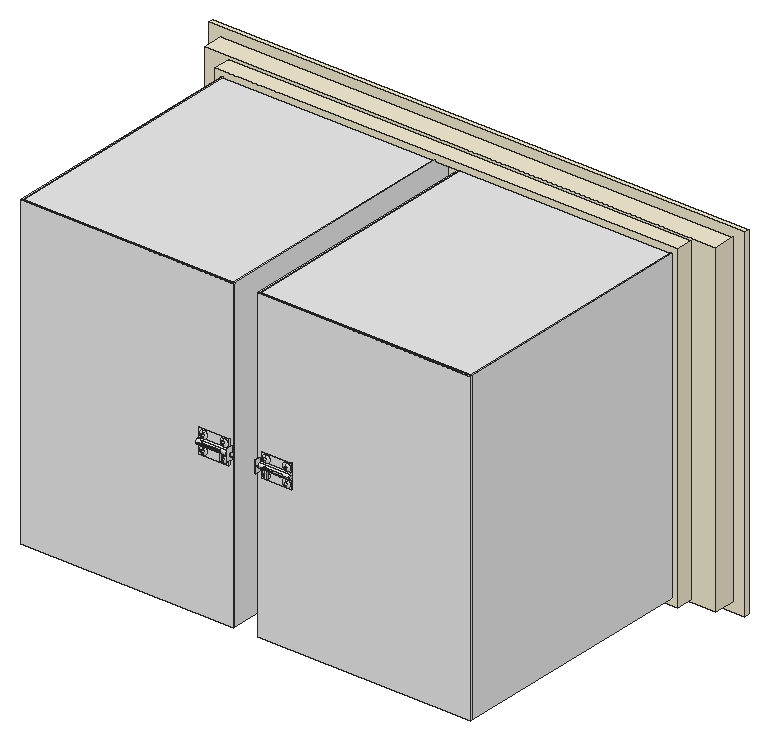
Revit family "4C-5_Door_High_Units_RL.rfa", category Specialty Equipment, host Wall, Revit 2016 (continued)
Definition of nested family "3700 Series 4C OM2 Configuration"
  Automatic sketch dimensions
    plane 26 "Top of Mail Drop Door" to Extrusion 15 sketch curve = 0.09984"
    Extrusion 15 sketch curve to Extrusion 15 sketch curve = 0.01632"
    plane 37 to Extrusion 15 sketch curve = 0.05062"
    Extrusion 15 sketch curve to plane 33 "Mail Slot Bottom Protusion" = 0.01599"
    plane 33 "Mail Slot Bottom Protusion" to Extrusion 15 sketch curve = 0.01227"
    plane 36 "Front of Awning" to Extrusion 15 sketch curve = 0.17915"
    plane 35 to Extrusion 15 sketch curve = 0.02246"
    Extrusion 15 sketch curve to Extrusion 15 sketch curve = 0.0724"
    plane 36 "Front of Awning" to Extrusion 15 sketch curve = 0.04696"
    plane 36 "Front of Awning" to Extrusion 15 sketch curve = 0.02469"
    plane 36 "Front of Awning" to Extrusion 15 sketch curve = 0.00781"
    Extrusion 15 sketch curve to Extrusion 15 sketch curve = 0.05983"
    Extrusion 4 sketch curve to plane 9 = 0.000"
    plane 11 "Center Lock Vertical" to Extrusion 4 sketch curve = 0.000"
    Extrusion 3 sketch curve to plane 9 = 0.000"
    plane 11 "Center Lock Vertical" to Extrusion 3 sketch curve = 0.000"
    radius of Blend 6 sketch curve = 0.15665"
    radius of Blend 6 sketch curve = 0.3125"
    radius of Blend 7 sketch curve = 0.15665"
    radius of Blend 7 sketch curve = 0.3125"
    radius of Blend 8 sketch curve = 0.15665"
    radius of Blend 8 sketch curve = 0.3125"
    radius of Blend 9 sketch curve = 0.15665"
    radius of Blend 9 sketch curve = 0.3125"
    radius of Blend 10 sketch curve = 0.15665"
    radius of Blend 10 sketch curve = 0.3125"
    radius of Blend 11 sketch curve = 0.15665"
    radius of Blend 11 sketch curve = 0.3125"
    radius of Extrusion 4 sketch curve = 0.42913"
    radius of Extrusion 3 sketch curve = 0.4375"
Definition of nested family "4C Latch Lock-Right"
  Parameters (values of type "Lock Latch")
    Width = 1.750"
    Type Comments = "Lock Latch for Aluminum Mailboxes"
    Visible Latch = yes
    Manufacturer = "Salsbury Industries"
    Height = 1.375"
    Depth = 0.244"
    Back Enclosure Material = none
  Reference planes (in)
    plane 1 "Center (Front/Back)": y = 0
    plane 2 "left": z = 0
    plane 3 "Center (Left/Right)": x = 0
    plane 4 "top": x = -0.875
    plane 5 "bottom": x = 0.875
    plane 6 "Front": y = 0.122
    plane 7 "Back": y = -0.122
    plane 8 "Vertical Center": z = 0.6875
    plane 9 "right": z = 1.375
    plane 10: x = -1
    plane 11: x = -1.125
  Forms (in)
    Extrusion 1, solid, material <- "Back Enclosure Material", visible <- "Visible Latch"
      sketch origin (-0.67187, 0, 0.67188) x (0, 0, -1) y (0, 1, 0)
        loop
          line (-0.22131, -0.0902) -> (-0.70312, -0.0902) -> (-0.70312, -0.12209) -> (-0.22129, -0.12209)
          arc (-0.22129, -0.12209) -> (-0.1389, -0.08579) -> (-0.11009, -0.00048) r 0.11165
          arc (-0.11009, -0.00048) -> (-0.01599, 0.09362) -> (0.07812, -0.00048) r 0.09411
          arc (0.07812, -0.00048) -> (0.10866, -0.08591) -> (0.19189, -0.122) r 0.11401
          line (0.19189, -0.122) -> (0.67187, -0.122) -> (0.67187, -0.08954) -> (0.19205, -0.08954)
          arc (0.19205, -0.08954) -> (0.13091, -0.06294) -> (0.10869, -0.00006) r 0.08357
          arc (0.10869, -0.00006) -> (-0.01625, 0.12487) -> (-0.14118, -0.00006) r 0.12494
          arc (-0.14118, -0.00006) -> (-0.16101, -0.06312) -> (-0.22131, -0.0902) r 0.08069
      from -0.20313 to 1.54687
    Extrusion 2, void
      sketch origin (-0.86719, 0.122, 0.78906) x (0, 0, -1) y (1, 0, 0)
        loop
          line (0.02064, 1.43976) -> (0.02064, 0.31562) -> (0.29045, 0.31562) -> (0.29045, 0.47278) -> (0.12796, 0.47278) -> (0.12796, 1.28526) -> (0.27447, 1.28526) -> (0.27447, 1.43976) -> (0.02064, 1.43976)
      from -0.01091 to 0.1442
    Blend 3, solid, material <- "Back Enclosure Material", visible <- "Visible Latch"
      base sketch origin (-0.95312, 0.122, 0.96875) x (0, 0, -1) y (1, 0, 0)
        loop
          circle (-0.1252, 1.55349) r 0.1
      top sketch origin (-0.95312, 0.122, 0.96875) x (0, 0, -1) y (1, 0, 0)
        loop
          circle (-0.1252, 1.55349) r 0.215
      from 0.16742 to 0.21154
    Blend 4, solid, material <- "Back Enclosure Material", visible <- "Visible Latch"
      base sketch origin (-0.95312, 0.122, -0.54015) x (0, 0, -1) y (1, 0, 0)
        loop
          circle (-0.8037, 1.55349) r 0.1
      top sketch origin (-0.95312, 0.122, -0.54015) x (0, 0, -1) y (1, 0, 0)
        loop
          circle (-0.8037, 1.55349) r 0.215
      from 0.16742 to 0.21154
    Blend 5, solid, material <- "Back Enclosure Material", visible <- "Visible Latch"
      base sketch origin (-1.95312, 0.122, 0.96875) x (0, 0, -1) y (1, 0, 0)
        loop
          circle (-0.1252, 1.36599) r 0.1
      top sketch origin (-1.95312, 0.122, 0.96875) x (0, 0, -1) y (1, 0, 0)
        loop
          circle (-0.1252, 1.36599) r 0.215
      from 0.16742 to 0.21154
    Blend 6, solid, material <- "Back Enclosure Material", visible <- "Visible Latch"
      base sketch origin (-1.95312, 0.122, -0.55578) x (0, 0, -1) y (1, 0, 0)
        loop
          circle (-0.8037, 1.36599) r 0.1
      top sketch origin (-1.95312, 0.122, -0.55578) x (0, 0, -1) y (1, 0, 0)
        loop
          circle (-0.8037, 1.36599) r 0.215
      from 0.16742 to 0.21154
    Extrusion 7, solid, material <- "Back Enclosure Material", visible <- "Visible Latch"
      sketch origin (-1.22585, -7.77812, 0.87452) x (0, 0, -1) y (0, 1, 0)
        loop
          circle (0.18702, 7.77784) r 0.09014
      from 0.10085 to 2.10085
    Extrusion 8, solid, material <- "Back Enclosure Material", visible <- "Visible Latch"
      sketch origin (-0.59584, -7.78798, 0.67188) x (1, 0, 0) y (0, 1, 0)
        loop
          circle (0.12087, 7.81979) r 0.05
      from 0.01562 to -0.5
    Extrusion 9, solid, material <- "Back Enclosure Material", visible <- "Visible Latch"
      sketch origin (-1.09375, -0.02845, 1.02999) x (0, 0, -1) y (1, 0, 0)
        loop
          line (0.68574, 0.09375) -> (0.68574, 0.12475) -> (-0.00176, 0.12475) -> (-0.00176, 0.09375) -> (0.68574, 0.09375)
      from -0.25 to 0.09355
    Extrusion 10, void
      sketch origin (-0.969, -7.77845, 0.87437) x (0, 0, -1) y (0, -1, 0)
        loop
          circle (0.18637, -7.77776) r 0.09325
      from 0 to 0.031
  Cuts and joins
    Extrusion 2 cuts Extrusion 1
    Extrusion 10 cuts Extrusion 9
  Dimensions and locks (in)
    equal spacing: plane 7 "Back", plane 1 "Center (Front/Back)", plane 6 "Front"
    "Depth": plane 7 "Back" to plane 6 "Front"
    equal spacing: plane 4 "top", plane 3 "Center (Left/Right)", plane 5 "bottom"
    "Width": plane 4 "top" to plane 5 "bottom"
    equal spacing: plane 9 "right", plane 8 "Vertical Center", plane 2 "left"
    "Height": plane 9 "right" to plane 2 "left"
    plane 10 to plane 4 "top" = 0.125"
    plane 11 to plane 4 "top" = 0.250"
    plane 10 to plane 11 = 0.125"
    aligned and locked: level to plane 2 "left"
  Automatic sketch dimensions
    Extrusion 1 sketch curve to plane 7 "Back" = 0.000"
    Extrusion 1 sketch curve to plane 7 "Back" = 0.0318"
    plane 9 "right" to Extrusion 1 sketch curve = 0.000"
    Extrusion 1 sketch curve to plane 8 "Vertical Center" = 0.20569"
    plane 7 "Back" to Extrusion 1 sketch curve = 0.00009"
    Extrusion 1 sketch curve to plane 8 "Vertical Center" = 0.20567"
    plane 1 "Center (Front/Back)" to Extrusion 1 sketch curve = 0.00006"
    Extrusion 1 sketch curve to plane 8 "Vertical Center" = 0.00062"
    Extrusion 1 sketch curve to Extrusion 1 sketch curve = 0.00026"
    Extrusion 1 sketch curve to Extrusion 1 sketch curve = 0.20788"
    Extrusion 1 sketch curve to Extrusion 1 sketch curve = 0.00016"
    Extrusion 1 sketch curve to level = 0.000"
    Extrusion 1 sketch curve to plane 7 "Back" = 0.03246"
    plane 1 "Center (Front/Back)" to Extrusion 1 sketch curve = 0.01045"
    Extrusion 1 sketch curve to Extrusion 1 sketch curve = 0.00094"
    Extrusion 1 sketch curve to Extrusion 1 sketch curve = 0.00201"
    Extrusion 2 sketch curve to plane 8 "Vertical Center" = 0.08092"
    plane 5 "bottom" to Extrusion 2 sketch curve = 0.45693"
    plane 8 "Vertical Center" to Extrusion 2 sketch curve = 0.0264"
    Extrusion 2 sketch curve to Extrusion 2 sketch curve = 0.16249"
    Extrusion 2 sketch curve to Extrusion 2 sketch curve = 0.14651"
    Extrusion 2 sketch curve to plane 3 "Center (Left/Right)" = 0.3944"
    Extrusion 2 sketch curve to plane 4 "top" = 0.32343"
    plane 5 "bottom" to Extrusion 2 sketch curve = 0.30243"
    plane 5 "bottom" to Blend 3 sketch curve = 0.27463"  (x2)
    Blend 3 sketch curve to plane 8 "Vertical Center" = 0.40645"  (x2)
    plane 5 "bottom" to Blend 4 sketch curve = 0.27463"  (x2)
    level to Blend 4 sketch curve = 0.26355"  (x2)
    Blend 5 sketch curve to plane 8 "Vertical Center" = 0.40645"  (x2)
    Blend 5 sketch curve to plane 3 "Center (Left/Right)" = 0.58713"  (x2)
    level to Blend 6 sketch curve = 0.24792"  (x2)
    Blend 6 sketch curve to plane 3 "Center (Left/Right)" = 0.58713"  (x2)
    plane 1 "Center (Front/Back)" to Extrusion 7 sketch curve = 0.00028"
    plane 8 "Vertical Center" to Extrusion 7 sketch curve = 0.000"
    Extrusion 8 sketch curve to plane 1 "Center (Front/Back)" = 0.03181"
    Extrusion 8 sketch curve to plane 4 "top" = 0.40003"
    Extrusion 9 sketch curve to plane 8 "Vertical Center" = 0.34425"
    level to Extrusion 9 sketch curve = 0.34425"
    plane 4 "top" to Extrusion 9 sketch curve = 0.125"
    Extrusion 9 sketch curve to Extrusion 9 sketch curve = 0.031"
    plane 1 "Center (Front/Back)" to Extrusion 10 sketch curve = 0.0007"
    Extrusion 10 sketch curve to plane 8 "Vertical Center" = 0.0005"
    radius of Blend 3 sketch curve = 0.100"
    radius of Blend 3 sketch curve = 0.215"
    radius of Blend 4 sketch curve = 0.100"
    radius of Blend 4 sketch curve = 0.215"
    radius of Blend 5 sketch curve = 0.100"
    radius of Blend 5 sketch curve = 0.215"
    radius of Blend 6 sketch curve = 0.100"
    radius of Blend 6 sketch curve = 0.215"
    radius of Extrusion 7 sketch curve = 0.09014"
    radius of Extrusion 8 sketch curve = 0.050"
    radius of Extrusion 10 sketch curve = 0.09325"
Definition of nested family "4C Latch Lock-Left"
  Parameters (values of type "Lock Latch")
    Width = 1.750"
    Type Comments = "Lock Latch for Aluminum Mailboxes"
    Visible Latch = yes
    Manufacturer = "Salsbury Industries"
    Height = 1.375"
    Depth = 0.244"
    Back Enclosure Material = none
  Reference planes (in)
    plane 1 "Center (Front/Back)": y = 0
    plane 2 "left": z = 0
    plane 3 "Center (Left/Right)": x = 0
    plane 4 "top": x = -0.875
    plane 5 "bottom": x = 0.875
    plane 6 "Front": y = 0.122
    plane 7 "Back": y = -0.122
    plane 8 "Vertical Center": z = 0.6875
    plane 9 "right": z = 1.375
    plane 10: x = 1
    plane 11: x = 1.125
  Forms (in)
    Extrusion 1, solid, material <- "Back Enclosure Material", visible <- "Visible Latch"
      sketch origin (-0.67187, 0, 0.67188) x (0, 0, -1) y (0, 1, 0)
        loop
          line (-0.22131, -0.0902) -> (-0.70312, -0.0902) -> (-0.70312, -0.12209) -> (-0.22129, -0.12209)
          arc (-0.22129, -0.12209) -> (-0.1389, -0.08579) -> (-0.11009, -0.00048) r 0.11165
          arc (-0.11009, -0.00048) -> (-0.01599, 0.09362) -> (0.07812, -0.00048) r 0.09411
          arc (0.07812, -0.00048) -> (0.10866, -0.08591) -> (0.19189, -0.122) r 0.11401
          line (0.19189, -0.122) -> (0.67187, -0.122) -> (0.67187, -0.08954) -> (0.19205, -0.08954)
          arc (0.19205, -0.08954) -> (0.13091, -0.06294) -> (0.10869, -0.00006) r 0.08357
          arc (0.10869, -0.00006) -> (-0.01625, 0.12487) -> (-0.14118, -0.00006) r 0.12494
          arc (-0.14118, -0.00006) -> (-0.16101, -0.06312) -> (-0.22131, -0.0902) r 0.08069
      from -0.20313 to 1.54687
    Extrusion 2, void
      sketch origin (-0.86719, 0.122, 0.78906) x (0, 0, -1) y (1, 0, 0)
        loop
          line (0.02064, 1.43976) -> (0.02064, 0.31562) -> (0.29045, 0.31562) -> (0.29045, 0.47278) -> (0.12796, 0.47278) -> (0.12796, 1.28526) -> (0.27447, 1.28526) -> (0.27447, 1.43976) -> (0.02064, 1.43976)
      from -0.01091 to 0.1442
    Blend 3, solid, material <- "Back Enclosure Material", visible <- "Visible Latch"
      base sketch origin (-0.95312, 0.122, 0.96875) x (0, 0, -1) y (1, 0, 0)
        loop
          circle (-0.1252, 1.55349) r 0.1
      top sketch origin (-0.95312, 0.122, 0.96875) x (0, 0, -1) y (1, 0, 0)
        loop
          circle (-0.1252, 1.55349) r 0.215
      from 0.16742 to 0.21154
    Blend 4, solid, material <- "Back Enclosure Material", visible <- "Visible Latch"
      base sketch origin (-0.95312, 0.122, -0.54015) x (0, 0, -1) y (1, 0, 0)
        loop
          circle (-0.8037, 1.55349) r 0.1
      top sketch origin (-0.95312, 0.122, -0.54015) x (0, 0, -1) y (1, 0, 0)
        loop
          circle (-0.8037, 1.55349) r 0.215
      from 0.16742 to 0.21154
    Blend 5, solid, material <- "Back Enclosure Material", visible <- "Visible Latch"
      base sketch origin (-1.95312, 0.122, 0.96875) x (0, 0, -1) y (1, 0, 0)
        loop
          circle (-0.1252, 1.36599) r 0.1
      top sketch origin (-1.95312, 0.122, 0.96875) x (0, 0, -1) y (1, 0, 0)
        loop
          circle (-0.1252, 1.36599) r 0.215
      from 0.16742 to 0.21154
    Blend 6, solid, material <- "Back Enclosure Material", visible <- "Visible Latch"
      base sketch origin (-1.95312, 0.122, -0.55578) x (0, 0, -1) y (1, 0, 0)
        loop
          circle (-0.8037, 1.36599) r 0.1
      top sketch origin (-1.95312, 0.122, -0.55578) x (0, 0, -1) y (1, 0, 0)
        loop
          circle (-0.8037, 1.36599) r 0.215
      from 0.16742 to 0.21154
    Extrusion 7, solid, material <- "Back Enclosure Material", visible <- "Visible Latch"
      sketch origin (-1.22585, -7.77812, 0.87452) x (0, 0, -1) y (0, 1, 0)
        loop
          circle (0.18702, 7.77784) r 0.09014
      from 0.35085 to 2.35085
    Extrusion 8, solid, material <- "Back Enclosure Material", visible <- "Visible Latch"
      sketch origin (0.37291, -7.78798, 0.67188) x (1, 0, 0) y (0, 1, 0)
        loop
          circle (0.12087, 7.81979) r 0.05
      from 0.01562 to -0.5
    Extrusion 9, solid, material <- "Back Enclosure Material", visible <- "Visible Latch"
      sketch origin (0.87525, -0.02845, 1.02999) x (0, 0, -1) y (1, 0, 0)
        loop
          line (0.68574, 0.09375) -> (0.68574, 0.12475) -> (-0.00176, 0.12475) -> (-0.00176, 0.09375) -> (0.68574, 0.09375)
      from -0.25 to 0.09355
    Extrusion 10, void
      sketch origin (1, -7.77845, 0.87437) x (0, 0, -1) y (0, -1, 0)
        loop
          circle (0.18637, -7.77776) r 0.09325
      from 0 to 0.031
  Cuts and joins
    Extrusion 2 cuts Extrusion 1
    Extrusion 10 cuts Extrusion 9
  Dimensions and locks (in)
    equal spacing: plane 7 "Back", plane 1 "Center (Front/Back)", plane 6 "Front"
    "Depth": plane 7 "Back" to plane 6 "Front"
    equal spacing: plane 4 "top", plane 3 "Center (Left/Right)", plane 5 "bottom"
    "Width": plane 4 "top" to plane 5 "bottom"
    equal spacing: plane 9 "right", plane 8 "Vertical Center", plane 2 "left"
    "Height": plane 9 "right" to plane 2 "left"
    plane 4 "top" to plane 10 = 1.875"
    plane 5 "bottom" to plane 11 = 0.250"
    plane 11 to plane 10 = 0.125"
    aligned and locked: level to plane 2 "left"
  Automatic sketch dimensions
    Extrusion 1 sketch curve to plane 7 "Back" = 0.000"
    Extrusion 1 sketch curve to plane 7 "Back" = 0.0318"
    plane 9 "right" to Extrusion 1 sketch curve = 0.000"
    Extrusion 1 sketch curve to plane 8 "Vertical Center" = 0.20569"
    plane 7 "Back" to Extrusion 1 sketch curve = 0.00009"
    Extrusion 1 sketch curve to plane 8 "Vertical Center" = 0.20567"
    plane 1 "Center (Front/Back)" to Extrusion 1 sketch curve = 0.00006"
    Extrusion 1 sketch curve to plane 8 "Vertical Center" = 0.00062"
    Extrusion 1 sketch curve to Extrusion 1 sketch curve = 0.00026"
    Extrusion 1 sketch curve to Extrusion 1 sketch curve = 0.20788"
    Extrusion 1 sketch curve to Extrusion 1 sketch curve = 0.00016"
    Extrusion 1 sketch curve to level = 0.000"
    Extrusion 1 sketch curve to plane 7 "Back" = 0.03246"
    plane 1 "Center (Front/Back)" to Extrusion 1 sketch curve = 0.01045"
    Extrusion 1 sketch curve to Extrusion 1 sketch curve = 0.00094"
    Extrusion 1 sketch curve to Extrusion 1 sketch curve = 0.00201"
    Extrusion 2 sketch curve to plane 8 "Vertical Center" = 0.08092"
    plane 5 "bottom" to Extrusion 2 sketch curve = 0.45693"
    plane 8 "Vertical Center" to Extrusion 2 sketch curve = 0.0264"
    Extrusion 2 sketch curve to Extrusion 2 sketch curve = 0.16249"
    Extrusion 2 sketch curve to Extrusion 2 sketch curve = 0.14651"
    Extrusion 2 sketch curve to plane 3 "Center (Left/Right)" = 0.3944"
    Extrusion 2 sketch curve to plane 4 "top" = 0.32343"
    plane 5 "bottom" to Extrusion 2 sketch curve = 0.30243"
    plane 5 "bottom" to Blend 3 sketch curve = 0.27463"  (x2)
    Blend 3 sketch curve to plane 8 "Vertical Center" = 0.40645"  (x2)
    plane 5 "bottom" to Blend 4 sketch curve = 0.27463"  (x2)
    level to Blend 4 sketch curve = 0.26355"  (x2)
    Blend 5 sketch curve to plane 8 "Vertical Center" = 0.40645"  (x2)
    Blend 5 sketch curve to plane 3 "Center (Left/Right)" = 0.58713"  (x2)
    level to Blend 6 sketch curve = 0.24792"  (x2)
    Blend 6 sketch curve to plane 3 "Center (Left/Right)" = 0.58713"  (x2)
    plane 1 "Center (Front/Back)" to Extrusion 7 sketch curve = 0.00028"
    plane 8 "Vertical Center" to Extrusion 7 sketch curve = 0.000"
    Extrusion 8 sketch curve to plane 1 "Center (Front/Back)" = 0.03181"
    Extrusion 8 sketch curve to plane 4 "top" = 1.36878"
    Extrusion 9 sketch curve to plane 8 "Vertical Center" = 0.34425"
    level to Extrusion 9 sketch curve = 0.34425"
    Extrusion 9 sketch curve to plane 4 "top" = 1.844"
    Extrusion 9 sketch curve to Extrusion 9 sketch curve = 0.031"
    plane 1 "Center (Front/Back)" to Extrusion 10 sketch curve = 0.0007"
    Extrusion 10 sketch curve to plane 8 "Vertical Center" = 0.0005"
    radius of Blend 3 sketch curve = 0.100"
    radius of Blend 3 sketch curve = 0.215"
    radius of Blend 4 sketch curve = 0.100"
    radius of Blend 4 sketch curve = 0.215"
    radius of Blend 5 sketch curve = 0.100"
    radius of Blend 5 sketch curve = 0.215"
    radius of Blend 6 sketch curve = 0.100"
    radius of Blend 6 sketch curve = 0.215"
    radius of Extrusion 7 sketch curve = 0.09014"
    radius of Extrusion 8 sketch curve = 0.050"
    radius of Extrusion 10 sketch curve = 0.09325"
Types (7): name | Width | Vertical Center Divider | Right Inside Wall | Model | Left Inside Wall | Latch Locks - Left Side | Latch Alignment | Door Slot R5 Number | Door Slot R5 | Door Slot R4 Number | Door Slot R4 | Door Slot R3 | Door Slot R2 | Door Slot R1 Number | Door Slot R1 | Door Slot L5 Number | Door Slot L5 | Door Slot L4 Number | Door Slot L4 | Door Slot L3 Number | Door Slot L3 | Door Slot L2 Number | Door Slot L2 | Door Slot L1 Number | Door Slot L1 | Description | Center Extrusion Offset
  3705D-01 RL | 31.09766" | yes | yes | "3705D-01 RL" | yes | yes | 14.85742" | "1" | 3700 Series 4C Door Configurations : MB3 Door w/ Divider | "0" | 3700 Series 4C Door Configurations : Empty | 3700 Series 4C Door Configurations : Empty | 3700 Series 4C OM2 Configuration : OM2-RL | "0" | 3700 Series 4C Door Configurations : Empty | "1P" | 3700 Series 4C Parcel Configurations : PL5 | "0" | 3700 Series 4C Door Configurations : Empty | "0" | 3700 Series 4C Door Configurations : Empty | "0" | 3700 Series 4C Door Configurations : Empty | "0" | 3700 Series 4C Door Configurations : Empty | "5 Door High Unit: 1 MB3, 1 PL5, OM2" | 0.000"
  3705D-03 RL | 31.09766" | yes | yes | "3705D-03 RL" | yes | yes | 14.85742" | "3" | 3700 Series 4C Door Configurations : MB1 Door w/ Divider | "2" | 3700 Series 4C Door Configurations : MB1 Door w/ Divider | 3700 Series 4C OM2 Configuration : OM2-RL | 3700 Series 4C Door Configurations : Empty | "1" | 3700 Series 4C Door Configurations : MB1 Door | "1P" | 3700 Series 4C Parcel Configurations : PL5 | "0" | 3700 Series 4C Door Configurations : Empty | "0" | 3700 Series 4C Door Configurations : Empty | "0" | 3700 Series 4C Door Configurations : Empty | "0" | 3700 Series 4C Door Configurations : Empty | "5 Door High Unit: 3 MB1, 1 PL5, OM2" | 0.000"
  3705D-07 RL | 31.09766" | yes | yes | "3705D-07 RL" | yes | yes | 14.85742" | "7" | 3700 Series 4C Door Configurations : MB1 Door w/ Divider | "0" | 3700 Series 4C OM3 Configuration : OM3-RL | 3700 Series 4C Door Configurations : Empty | 3700 Series 4C Door Configurations : Empty | "6" | 3700 Series 4C Door Configurations : MB1 Door | "5" | 3700 Series 4C Door Configurations : MB1 Door w/ Divider | "4" | 3700 Series 4C Door Configurations : MB1 Door w/ Divider | "3" | 3700 Series 4C Door Configurations : MB1 Door w/ Divider | "2" | 3700 Series 4C Door Configurations : MB1 Door w/ Divider | "1" | 3700 Series 4C Door Configurations : MB1 Door | "5 Door High Unit: 7 MB1, OM3" | 0.000"
  3705D-08 RL | 31.09766" | yes | yes | "3705D-08 RL" | yes | yes | 14.85742" | "8" | 3700 Series 4C Door Configurations : MB1 Door w/ Divider | "7" | 3700 Series 4C Door Configurations : MB1 Door w/ Divider | 3700 Series 4C OM2 Configuration : OM2-RL | 3700 Series 4C Door Configurations : Empty | "6" | 3700 Series 4C Door Configurations : MB1 Door | "5" | 3700 Series 4C Door Configurations : MB1 Door w/ Divider | "4" | 3700 Series 4C Door Configurations : MB1 Door w/ Divider | "3" | 3700 Series 4C Door Configurations : MB1 Door w/ Divider | "2" | 3700 Series 4C Door Configurations : MB1 Door w/ Divider | "1" | 3700 Series 4C Door Configurations : MB1 Door | "5 Door High Unit: 8 MB1, OM2" | 0.000"
  3705D-2P RL | 31.09766" | yes | yes | "3705D-2P RL" | yes | yes | 14.85742" | "2P" | 3700 Series 4C Parcel Configurations : PL5 | "0" | 3700 Series 4C Door Configurations : Empty | 3700 Series 4C Door Configurations : Empty | 3700 Series 4C Door Configurations : Empty | "0" | 3700 Series 4C Door Configurations : Empty | "1P" | 3700 Series 4C Parcel Configurations : PL5 | "0" | 3700 Series 4C Door Configurations : Empty | "0" | 3700 Series 4C Door Configurations : Empty | "0" | 3700 Series 4C Door Configurations : Empty | "0" | 3700 Series 4C Door Configurations : Empty | "5 Door High Unit: 2 PL5" | 0.000"
  3705S-03 RL | 16.34375" | no | no | "3705S-03 RL" | no | no | 13.876" | "3" | 3700 Series 4C Door Configurations : MB1 Door w/ Divider | "2" | 3700 Series 4C Door Configurations : MB1 Door w/ Divider | 3700 Series 4C OM2 Configuration : OM2-RL | 3700 Series 4C Door Configurations : Empty | "1" | 3700 Series 4C Door Configurations : MB1 Door | "0" | 3700 Series 4C Door Configurations : Empty | "0" | 3700 Series 4C Door Configurations : Empty | "0" | 3700 Series 4C Door Configurations : Empty | "0" | 3700 Series 4C Door Configurations : Empty | "0" | 3700 Series 4C Door Configurations : Empty | "5 Door High Unit: 3 MB1, OM2" | 48.000"
  3705S-1P RL | 16.34375" | no | no | "3705S-1P RL" | no | no | 13.876" | "1P" | 3700 Series 4C Parcel Configurations : PL5 | "0" | 3700 Series 4C Door Configurations : Empty | 3700 Series 4C Door Configurations : Empty | 3700 Series 4C Door Configurations : Empty | "0" | 3700 Series 4C Door Configurations : Empty | "0" | 3700 Series 4C Door Configurations : Empty | "0" | 3700 Series 4C Door Configurations : Empty | "0" | 3700 Series 4C Door Configurations : Empty | "0" | 3700 Series 4C Door Configurations : Empty | "0" | 3700 Series 4C Door Configurations : Empty | "5 Door High Unit: 1 PL5" | 48.000"
